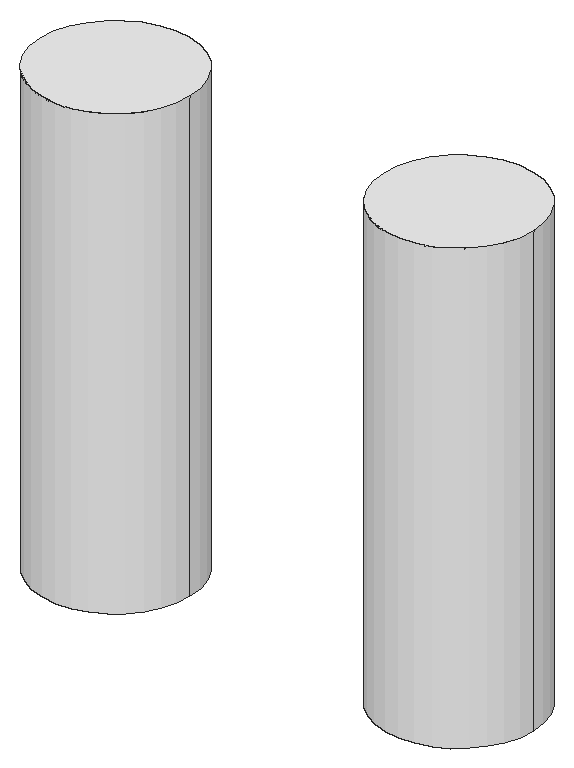
Revit family "52682267(2022)", category Plumbing Fixtures, Revit 2020
Family settings
  Round Connector Dimension = Use Diameter
  Part Type = Normal
  OmniClass Number = 23.45.55.00
  OmniClass Title = Sanitary Faucets, Wastes
  Work Plane-Based = No
  Always vertical = Yes
  Cut with Voids When Loaded = No
  Shared = No
  Room Calculation Point = No
Parameters (values of type "52682267 Washbasin faucet")
  Working Pressure = "50 - 1000 kPa"
  WarrantyStartDate [instance] = "n/a"
  WarrantyGuarantorParts = "n/a"
  WarrantyGuarantorLabor = "n/a"
  WarrantyDurationUnit = "Year"
  WarrantyDurationParts = "n/a"
  WarrantyDurationLabor = "n/a"
  WarrantyDescription = "http://warranty.hansa.com"
  Warranty Information URL = "http://warranty.hansa.com"
  VersionDate = "01/06/2023"
  Version = "1"
  ValvePattern = "n/a"
  ValveOperation = "n/a"
  ValveMechanism = "n/a"
  Uniclass2015Reference = "Pr_40_20_87_96"
  Uniclass2015Description = "Washbasin manual water supply sets"
  Uniclass2 = "Pr_40_30_96_96"
  URL UWL = "http://static.hansa.com/UWL/52682267"
  URL REACH = "http://static.hansa.com/doc/reach"
  URL Materials Declaration = "http://www.hansa.com/fileadmin/resources/168482_52682267_materialsdeclaration.pdf"
  URL Environmental Product Declaration EPD = "http://www.hansa.com/fileadmin/resources/184523_EPD_Washbasin faucet.pdf"
  URL EcoLabel Declaration = "http://static.hansa.com/doc/EcoLabel"
  URL EU Packaging Declaration = "http://static.hansa.com/doc/packaging"
  URL Declaration of SCIP = "http://static.hansa.com/doc/SCIP"
  URL Declaration of Conformity = "http://static.hansa.com/DoC/52682267"
  URL Declaration of Asbestos = "http://static.hansa.com/doc/asbestos"
  URL Declaration Of Performance (DOP) = "http://static.hansa.com/doc/DoP"
  URL = ""
  UNSPSC Class Number = "30181700 Faucets or taps"
  TestPressure = "n/a"
  Temperature Adjustments = "Limitation option for maximum temperature and flow-rate "
  Temperature = ""
  Technical DataSheet URL = "http://www.hansa.com/datasheet/52682267/en"
  TagNumber [instance] = "n/a"
  SustainabilityPerformance = "n/a"
  Surface treatment = "Chrome"
  Spout Type = "Fixed spout"
  Spout Projection = "114 mm"
  Spare-Part Information URL = "http://static.hansa.com/sp/52682267"
  Size = "Faucet:45x150x190 mm / Hand shower:50x65x295 mm"
  Shower Parts = "Hand shower;Shower holder"
  Shape = "Sculptured"
  SerialNumber [instance] = "n/a"
  Sales Package dimensions (LxWxH) = "754 x 334 x 63"
  Revision = "n/a"
  ReplacementCost = "n/a"
  ProductInformation = "n/a"
  Product URL = "http://static.hansa.com/52682267"
  Product Image URL = "http://static.hansa.com/image/52682267"
  Product Family = "HANSAVANTIS XL"
  Product Code = "52682267"
  OperatingMechanismMaterial = "n/a"
  Name_en = "52682267 Washbasin faucet"
  Name = "52682267 Washbasin faucet"
  NBSReference = "45-35-70/371"
  NBSDescription = "Water supply fittings for wash basins and troughs"
  Mounting Holes = "1 hole"
  ModelReference = "52682267"
  ModelNumber = "n/a"
  Model = "52682267 Washbasin faucet"
  Mobile Product Information URL = "http://mpi.hansa.com/52682267"
  Mechanical Parts = "30Cartridge"
  Max. Hot Water Supply = 70 °C
  Material = "Brass"
  Market = "International;Germany;Austria;Belgium;Netherlands;Czech Republic;Slovakia;Italy"
  ManufacturerURL = "http://www.hansa.com"
  ManufacturerName = "HANSA"
  Manufacturer = "HANSA"
  Lever Handle = "Single operating lever/handle;Pin shape;Hot/Cold symbols"
  Interactive AR View URL = "https://static.hansa.com/AR/52682267"
  InstallationDate [instance] = "n/a"
  Installation and Maintenance Guide URL = "http://static.hansa.com/manual/52682267"
  Installation Type = "Deck mounted"
  InletConnectionSize = 10 mm
  IfcExportType = "FAUCET"  # constant formula
  IfcExportAs = "IfcValveType"  # constant formula
  HandShowerNominalWidth = 49.3 mm
  HandShowerNominalHeight = 296.7 mm
  HandShowerNominalDepth = 64.3 mm
  HandShowerDefaultElevation [instance] = 900 mm
  Hand Shower Visibility [instance] = yes
  Hand Shower = "Bidetta hand shower"
  Group = "Washbasin faucet"
  Grade = "n/a"
  FlowCoefficient = 0
  Flow Rate At 300kPa With Flow Controller = 0.01 L/s
  Flow Drawing URL = "http://static.hansa.com/flowchart/52682267"
  Finish = "Polished"
  Features = "Single-lever;Bidetta"
  FaucetNominalWidth = 46.5 mm
  FaucetNominalHeight = 188.504 mm
  FaucetNominalDepth = 148.346 mm
  FaucetMainMaterial = Brass
  FaucetDefaultElevation [instance] = 900 mm
  FDV Document URL = "http://www.hansa.com/datasheet/52682267/en/fdv"
  ExpectedLife = "n/a"
  Excluded Items = "Without pop-up waste"
  ETIM Class Number = "EC011328 Washbasin mixing tap"
  EN Standard = "EN 817"
  EAN Number = "4057304017247"
  DurationUnit = "Year"
  DistanceY-Axis [instance] = 150 mm
  DistanceX-Axis [instance] = 150 mm
  Dimension Drawing URL = "http://static.hansa.com/dimdrw/52682267"
  Description = ""
  Default Elevation = 0 mm
  Constituents = "n/a"
  Connection Size = "G3/8"
  Connection = "Flexible inlet pipes"
  Color = "Chrome"
  CodePerformance = "n/a"
  CloseOffRating = 0
  Category = "Washbasin"
  Catalog Drawing URL = "http://static.hansa.com/catdrw/52682267"
  CO2 Emissions (D) = -7.47
  CO2 Emissions (C4) = 0.08
  CO2 Emissions (C3) = 0.02
  CO2 Emissions (C2) = 0.02
  CO2 Emissions (B7) = 1854
  CO2 Emissions (A4) = 0.29
  CO2 Emissions (A1-A3) = 10.51
  Brand = "HANSA"
  BodyMaterial = "Brass"
  Barcode [instance] = "n/a"
  Backflow Prevention EN1717 = "HC"
  BIMObjectName = "52682267(2022)"
  Author = "BIMStone"
  AssetType = "Fixed"
  AssetIdentifier [instance] = "n/a"
  Aerator = "PCA® - constant flow rate regardless of pressure variations"
  Advanced Features = "Inner body made of DZR brass;3S-installation system for safe and simple mounting"
  AccessibilityPerformance = "n/a"
  3D View = "https://static.hansa.com/AR/52682267"
  2D/3D/BIM Files URL = "http://static.hansa.com/bim/52682267"
Reference planes
  plane 1 "Center (Front/Back)": y = 0
  plane 2: z = 0
  plane 3 "Center (Left/Right)": x = 0
  plane 4: x = -23.25
  plane 5: x = 23.25
  plane 6: z = 1088.504
  plane 7: z = 900
  plane 8: z = 870
  plane 9: y = -148.346
  plane 10: x = 125.35
  plane 11: x = 150
  plane 12: x = 174.65
  plane 13: y = 85.7
  plane 14: y = 150
  plane 15: z = 900
  plane 16: z = 1196.7
Forms (mm)
  Extrusion 1, solid, material "Brass" <- "FaucetMainMaterial"
    sketch origin (0, 5.75, 0) x (1, 0, 0) y (0, 1, 0)
      loop
        circle (-11.5, -29) r 5
      loop
        circle (11.5, -29) r 5
    from 870 to 900
Dimensions and locks
  equal spacing: plane 4, plane 3 "Center (Left/Right)", plane 5
  "FaucetNominalHeight": plane 6 to plane 7
  "FaucetDefaultElevation": plane 7 to level
  locked: plane 7 to plane 8 at 30
  "FaucetNominalDepth": plane 9 to plane 1 "Center (Front/Back)"
  "FaucetNominalWidth": plane 4 to plane 5
  equal spacing: plane 10, plane 11, plane 12
  "HandShowerNominalWidth": plane 10 to plane 12
  "HandShowerNominalDepth": plane 14 to plane 13
  "DistanceX-Axis": plane 3 "Center (Left/Right)" to plane 11
  "HandShowerNominalHeight": plane 16 to plane 15
  "HandShowerDefaultElevation": plane 15 to level
  "DistanceY-Axis": plane 14 to plane 1 "Center (Front/Back)"
  "InletConnectionSize": diameter of Extrusion 1 sketch curve  (x2)
  aligned and locked: level to plane 2
  aligned and locked: plane 7 to Extrusion 1
  aligned and locked: Extrusion 1 to plane 8
  aligned and locked: nested 2 to plane 14
  aligned and locked: plane 11 to nested 2
  aligned and locked: plane 1 "Center (Front/Back)" to nested 4
  aligned and locked: plane 3 "Center (Left/Right)" to nested 4
  aligned and locked: nested 3 to plane 14
  aligned and locked: nested 4 to plane 7
  aligned and locked: plane 15 to nested 3
Automatic sketch dimensions
  Extrusion 1 sketch curve to plane 3 "Center (Left/Right)" = 11.5 mm
  plane 3 "Center (Left/Right)" to Extrusion 1 sketch curve = 11.5 mm
  plane 1 "Center (Front/Back)" to Extrusion 1 sketch curve = 23.25 mm
  Extrusion 1 sketch curve to Extrusion 1 sketch curve = 0 mm
Nested families
  nested 1: "Symbol" at (0, 0, 0), type "Symbol", detail levels coarse
  nested 2: "Symbol" at (150, 150, 0), type "Symbol", detail levels coarse
  nested 3: "Bidetta_handshower" at (150, 150, 900), visible <- "Hand Shower Visibility", type "Bidetta_handshower"
  nested 4: "52682267_Body" at (0, 0, 900), Material <- "FaucetMainMaterial", type "52682267_Body"
    with Material Brass
Connectors
  piping at (-11.5, -23.25, 870), diameter 10, driven by "InletConnectionSize"
    settings: on Extrusion 1, index 1, connector inside diameter 609.6 mm, connector length 0 mm, flow factor 0, pipe flow 0.14 L/s, pressure drop 0.0 Pa, fitting loss kfactor 0, connector angle 0.00°, fixture units 0, engagement length 0 mm, angle of deflection 0.00°, flow configuration 1, flow direction 1, fitting loss method 0, system type 19, joint type 0, gender type 0, connector reference index -1, connector utility 0, adjustable connector no, is connector primary yes, connector description ""
  piping at (11.5, -23.25, 870), diameter 10, driven by "InletConnectionSize"
    settings: on Extrusion 1, index 2, connector inside diameter 609.6 mm, connector length 0 mm, flow factor 0, pipe flow 0.14 L/s, pressure drop 0.0 Pa, fitting loss kfactor 0, connector angle 0.00°, fixture units 0, engagement length 0 mm, angle of deflection 0.00°, flow configuration 1, flow direction 1, fitting loss method 0, system type 20, joint type 0, gender type 0, connector reference index -1, connector utility 0, adjustable connector no, is connector primary no, connector description ""
Definition of nested family "Symbol"
  Reference planes
    plane 1: y = 0
    plane 2: x = 0
  Lines and regions (mm)
    detail lines
      curve 1: line (0, 0, 0) -> (0, -1.8, 0)
      curve 2: line (-0.4, -1.1, 0) -> (0.4, -1.1, 0)
      curve 3: line (-0.4, -1.4, 0) -> (0.4, -1.4, 0)
      curve 4: line (0.863, 0, 0) -> (-0.863, 0, 0)
      curve 5: circle (-1.163, 0, 0) r 0.3 normal (0, 0, -1)
      curve 6: circle (1.163, 0, 0) r 0.3 normal (0, 0, 1)
Definition of nested family "Bidetta_handshower"
  Parameters (values of type "Bidetta_handshower")
    Material [instance] = none
    Default Elevation = 0 mm
  Reference planes
    plane 1 "Center (Front/Back)": y = 0
    plane 2: z = 0
    plane 3 "Center (Left/Right)": x = 0
    plane 4: x = 24.632
    plane 5: x = -24.632
    plane 6: y = -64.333
    plane 7: z = 296.661
    plane 8: through (0, -27.5, 286.095) normal (0, -0.5928, 0.8054)
  Forms (mm)
    Revolve 1, solid, material <- "Material", detail levels medium
      sketch origin (0, -0.885, 0.802) x (0, 1, 0) y (0, 0, 1)
        loop
          line (-38.441, -0.802) -> (-26.831, -0.802) -> (-28.096, 29.198) -> (-30.943, 29.198) -> (-30.943, 52.874)
          arc (-30.943, 52.874) -> (-31.529, 54.288) -> (-32.943, 54.874) r 2
          line (-32.943, 54.874) -> (-38.441, 54.874) -> (-38.441, -0.802)
        loop
          arc (-32.996, 57.516) -> (-31.582, 58.102) -> (-30.996, 59.516) r 2
          line (-30.996, 59.516) -> (-30.996, 83.198) -> (-28.192, 83.198) -> (-26.615, 114.245) -> (-26.615, 274.881)
          arc (-26.615, 274.881) -> (-29.942, 284.277) -> (-38.441, 289.484) r 14.93
          line (-38.441, 289.484) -> (-38.441, 57.516) -> (-32.996, 57.516)
        axis (-38.441, 289.484) -> (-38.441, -0.802)
      angle from 0 to 360
    Extrusion 2, solid, material <- "Material", detail levels coarse
      sketch origin (0, 5.432, 0.599) x (0, 1, 0) y (0, 0, 1)
        loop
          line (-5.432, 296.062) -> (-69.765, 296.062) -> (-69.765, -0.599) -> (-5.432, -0.599) -> (-5.432, 296.062)
      from -24.632 to 24.632
    Blend 3, solid, material <- "Material", detail levels medium
      base sketch origin (0, 0, 0) x (1, 0, 0) y (0, 0, 1)
        loop
          arc (0, 290.203) -> (-8.248, 284.931) -> (-11.458, 275.683) r 14.93
          arc (-11.458, 275.683) -> (-8.248, 266.435) -> (0, 261.163) r 14.93
          arc (0, 261.163) -> (8.248, 266.435) -> (11.458, 275.683) r 14.93
          arc (11.458, 275.683) -> (8.248, 284.931) -> (0, 290.203) r 14.93
      top sketch origin (0, 0, 0) x (1, 0, 0) y (0, 0, 1)
        loop
          arc (0, 260.962) -> (12.622, 266.19) -> (17.85, 278.812) r 17.85
          arc (17.85, 278.812) -> (12.622, 291.433) -> (0, 296.662) r 17.85
          arc (0, 296.662) -> (-12.622, 291.433) -> (-17.85, 278.812) r 17.85
          arc (-17.85, 278.812) -> (-12.622, 266.19) -> (0, 260.962) r 17.85
      from 39.326 to 59.568
    Revolve 4, solid, detail levels medium
      sketch origin (0, 0, 0) x (0, 1, 0) y (0, 0, 1)
        loop
          line (-64.318, 156.518) -> (-40.211, 156.518) -> (-40.211, 167.798) -> (-53.049, 167.798)
          arc (-53.049, 167.798) -> (-55.963, 166.537) -> (-57.041, 163.55) r 4
          arc (-57.041, 163.55) -> (-62.093, 161.497) -> (-64.318, 156.518) r 7.31
        axis (-64.318, 156.518) -> (-40.211, 156.518)
      angle from 0 to 360
    Extrusion 5, solid, detail levels medium
      sketch origin (0, 0, 0) x (0, 1, 0) y (0, 0, 1)
        loop
          spline (-58.339, 188.821) -> (-58.371, 191.102) -> (-58.578, 193.232) -> (-58.946, 195.066) -> (-59.45, 196.479) -> (-60.054, 197.374) -> (-60.719, 197.691) -> (-61.399, 197.408) -> (-62.047, 196.543) -> (-62.619, 195.157) -> (-63.077, 193.343) -> (-63.389, 191.226) -> (-63.533, 188.949)
          line (-63.533, 188.949) -> (-64.333, 156.518) -> (-59.135, 156.518) -> (-58.339, 188.821)
      from -8.952 to 9
    Blend 6, solid, material <- "Material", detail levels medium
      base sketch origin (0, 0, 0) x (1, 0, 0) y (0, 0, 1)
        loop
          arc (-23.578, 84.427) -> (-20.467, 78.21) -> (-14.25, 75.1) r 11
          arc (-14.25, 75.1) -> (0, 74.083) -> (14.25, 75.1) r 100.403
          arc (14.25, 75.1) -> (20.467, 78.21) -> (23.578, 84.427) r 11
          arc (23.578, 84.427) -> (24.594, 98.677) -> (23.578, 112.927) r 100.403
          arc (23.578, 112.927) -> (20.467, 119.144) -> (14.25, 122.255) r 11
          arc (14.25, 122.255) -> (0, 123.271) -> (-14.25, 122.255) r 100.403
          arc (-14.25, 122.255) -> (-20.467, 119.144) -> (-23.578, 112.927) r 11
          arc (-23.578, 112.927) -> (-24.594, 98.677) -> (-23.578, 84.427) r 100.403
      top sketch origin (0, 0, 0) x (1, 0, 0) y (0, 0, 1)
        loop
          arc (19.618, 112.36) -> (17.639, 116.316) -> (13.682, 118.295) r 7
          arc (13.682, 118.295) -> (0, 119.271) -> (-13.682, 118.295) r 96.403
          arc (-13.682, 118.295) -> (-17.639, 116.316) -> (-19.618, 112.36) r 7
          arc (-19.618, 112.36) -> (-20.594, 98.677) -> (-19.618, 84.995) r 96.403
          arc (-19.618, 84.995) -> (-17.639, 81.039) -> (-13.682, 79.059) r 7
          arc (-13.682, 79.059) -> (0, 78.083) -> (13.682, 79.059) r 96.403
          arc (13.682, 79.059) -> (17.639, 81.039) -> (19.618, 84.995) r 7
          arc (19.618, 84.995) -> (20.594, 98.677) -> (19.618, 112.36) r 96.403
      from 0 to 11.376
    Blend 7, solid, material <- "Material", detail levels medium
      base sketch origin (0, 0, 0) x (1, 0, 0) y (0, 0, 1)
        loop
          arc (-13.682, 118.295) -> (-17.639, 116.316) -> (-19.618, 112.36) r 7
          arc (-19.618, 112.36) -> (-20.594, 98.677) -> (-19.618, 84.995) r 96.403
          arc (-19.618, 84.995) -> (-17.639, 81.039) -> (-13.682, 79.059) r 7
          arc (-13.682, 79.059) -> (0, 78.083) -> (13.682, 79.059) r 96.403
          arc (13.682, 79.059) -> (17.639, 81.039) -> (19.618, 84.995) r 7
          arc (19.618, 84.995) -> (20.594, 98.677) -> (19.618, 112.36) r 96.403
          arc (19.618, 112.36) -> (17.639, 116.316) -> (13.682, 118.295) r 7
          arc (13.682, 118.295) -> (0, 119.271) -> (-13.682, 118.295) r 96.403
      top sketch origin (0, 0, 0) x (1, 0, 0) y (0, 0, 1)
        loop
          arc (13.399, 116.315) -> (0, 117.271) -> (-13.399, 116.315) r 94.403
          arc (-13.399, 116.315) -> (-16.224, 114.902) -> (-17.638, 112.076) r 5
          arc (-17.638, 112.076) -> (-18.594, 98.677) -> (-17.638, 85.279) r 94.403
          arc (-17.638, 85.279) -> (-16.224, 82.453) -> (-13.399, 81.039) r 5
          arc (-13.399, 81.039) -> (0, 80.083) -> (13.399, 81.039) r 94.403
          arc (13.399, 81.039) -> (16.224, 82.453) -> (17.638, 85.279) r 5
          arc (17.638, 85.279) -> (18.594, 98.677) -> (17.638, 112.076) r 94.403
          arc (17.638, 112.076) -> (16.224, 114.902) -> (13.399, 116.315) r 5
      from 11.376 to 47.238
  Lines and regions (mm)
    symbolic lines, detail levels fine
      curve 1: arc (-11.541, 0, 265.036) -> (0, 0, 260.824) -> (11.541, 0, 265.036) r 17.918
      curve 2: line (-11.541, 0, 117.142) -> (-11.541, 0, 122.606)
      curve 13: arc (0, -47.049, 113.41) -> (0, -47.3, 105.765) -> (0, -47.293, 98.116) r 227.226
      curve 15: line (0, -41.435, 117.212) -> (0, -43.054, 117.212)
      curve 16: line (0, -41.435, 117.212) -> (0, -28.278, 119.295)
      curve 17: arc (0, -43.054, 117.212) -> (0, -45.811, 116.109) -> (0, -47.049, 113.41) r 4
      curve 18: line (0, -41.435, 79.021) -> (0, -43.054, 79.021)
      curve 19: line (0, -41.435, 79.021) -> (0, -37.364, 78.376)
      curve 20: arc (0, -43.054, 79.021) -> (0, -45.3, 79.712) -> (0, -46.771, 81.545) r 4
      curve 34: line (0, -49.551, 167.798) -> (0, -37.802, 161.015)
      curve 35: line (0, -37.802, 161.015) -> (0, -37.802, 152.021)
      curve 39: line (0, -49.551, 145.238) -> (0, -37.802, 152.021)
      curve 58: line (0, -31.881, 78.185) -> (0, -37.364, 78.376)
      curve 60: arc (0, -47.106, 84.038) -> (0, -47.309, 91.076) -> (0, -47.293, 98.116) r 227.226
      curve 61: line (0, -27.428, 119.325) -> (0, -28.278, 119.295)
      curve 62: line (0, -46.771, 30) -> (0, -39.326, 30)
      curve 63: line (0, -31.881, 30) -> (0, -39.326, 30)
      curve 64: line (11.541, 0, 117.142) -> (11.541, 0, 122.606)
      curve 65: line (-8.837, 0, 188.877) -> (-8.837, 0, 158.334)
      curve 66: arc (8.5, 0, 188.877) -> (-0.169, 0, 197.545) -> (-8.837, 0, 188.877) r 8.669
      curve 67: spline (-8.837, 0, 162.862) -> (-10.954, 0, 159.319) -> (-11.522, 0, 155.295) -> (-10.461, 0, 151.36) -> (-7.921, 0, 148.069) -> (-4.262, 0, 145.888) -> (0, 0, 145.125) -> (4.262, 0, 145.888) -> (7.921, 0, 148.069) -> (10.461, 0, 151.36) -> (11.522, 0, 155.295) -> (10.954, 0, 159.319) -> (8.837, 0, 162.862)
      curve 68: line (8.837, 0, 188.877) -> (8.837, 0, 158.334)
      curve 69: arc (-8.837, 0, 158.334) -> (0, 0, 149.497) -> (8.837, 0, 158.334) r 8.837
      curve 81: line (-7.498, 0, 84) -> (-7.498, 0, 74.364)
      curve 83: line (-7.498, 0, 30) -> (0, 0, 30)
      curve 84: arc (-18.648, 0, 107.809) -> (-19.178, 0, 97.956) -> (-18.667, 0, 88.102) r 93.482
      curve 85: arc (-12.509, 0, 117.125) -> (-16.709, 0, 113.212) -> (-18.648, 0, 107.809) r 12.172
      curve 86: arc (-18.667, 0, 88.102) -> (-16.523, 0, 82.418) -> (-11.87, 0, 78.513) r 11.997
      curve 87: arc (-11.861, 0, 78.509) -> (-9.731, 0, 77.719) -> (-7.498, 0, 77.305) r 13.198
      curve 88: arc (-9.129, 0, 111.996) -> (-8.119, 0, 97.8) -> (-8.608, 0, 83.576) r 135.164
      curve 89: arc (-11.086, 0, 116.784) -> (-9.789, 0, 114.52) -> (-9.129, 0, 111.996) r 9.902
      curve 90: arc (-12.509, 0, 117.125) -> (-11.737, 0, 117.208) -> (-11.086, 0, 116.784) r 1.159
      curve 91: arc (-8.608, 0, 83.576) -> (-9.197, 0, 81.124) -> (-10.481, 0, 78.952) r 8.496
      curve 92: arc (-10.481, 0, 78.952) -> (-11.109, 0, 78.525) -> (-11.87, 0, 78.513) r 1.327
      curve 93: arc (18.648, 0, 107.809) -> (19.178, 0, 97.956) -> (18.667, 0, 88.102) r 93.482
      curve 94: arc (12.509, 0, 117.125) -> (16.709, 0, 113.212) -> (18.648, 0, 107.809) r 12.172
      curve 95: arc (18.667, 0, 88.102) -> (16.523, 0, 82.418) -> (11.87, 0, 78.513) r 11.997
      curve 96: arc (9.129, 0, 111.996) -> (8.119, 0, 97.8) -> (8.608, 0, 83.576) r 135.164
      curve 97: arc (11.086, 0, 116.784) -> (9.789, 0, 114.52) -> (9.129, 0, 111.996) r 9.902
      curve 98: arc (12.509, 0, 117.125) -> (11.737, 0, 117.208) -> (11.086, 0, 116.784) r 1.159
      curve 99: arc (8.608, 0, 83.576) -> (9.197, 0, 81.124) -> (10.481, 0, 78.952) r 8.496
      curve 100: arc (10.481, 0, 78.952) -> (11.109, 0, 78.525) -> (11.87, 0, 78.513) r 1.327
      curve 101: line (-8.571, 0, 84) -> (8.571, 0, 84)
      curve 105: line (7.498, 0, 84) -> (7.498, 0, 74.364)
      curve 107: line (7.498, 0, 30) -> (0, 0, 30)
      curve 136: arc (-11.793, -35.489, 0) -> (0, -26.605, 0) -> (11.793, -35.489, 0) r 12.27
      curve 137: arc (-14.903, -46.984, 0) -> (-13.392, -41.225, 0) -> (-11.793, -35.489, 0) r 386.99
      curve 138: arc (14.903, -46.984, 0) -> (13.392, -41.225, 0) -> (11.793, -35.489, 0) r 386.99
      curve 139: line (9, -59.653, 0) -> (0, -59.653, 0)
      curve 140: line (-9, -59.653, 0) -> (0, -59.653, 0)
    symbolic lines, detail levels medium+fine
      curve 3: arc (11.541, 0, 265.036) -> (0, 0, 296.661) -> (-11.541, 0, 265.036) r 17.918
      curve 4: line (0, 0, 122.256) -> (0, 0, 73.977)
      curve 5: line (0, -1.358, 123.189) -> (0, -8.681, 120.379)
      curve 6: line (0, -11.047, 119.897) -> (0, -27.428, 119.325)
      curve 7: arc (0, -8.681, 120.379) -> (0, -9.844, 120.04) -> (0, -11.047, 119.897) r 7.317
      curve 8: arc (0, 0, 122.256) -> (0, -0.434, 123.08) -> (0, -1.358, 123.189) r 1
      curve 9: line (0, -1.358, 74.165) -> (0, -8.681, 76.976)
      curve 10: line (0, -11.047, 77.457) -> (0, -31.881, 78.185)
      curve 11: arc (0, -8.681, 76.976) -> (0, -9.844, 77.315) -> (0, -11.047, 77.457) r 7.317
      curve 12: arc (0, 0, 75.099) -> (0, -0.434, 74.274) -> (0, -1.358, 74.165) r 1
      curve 14: arc (0, -47.049, 82.823) -> (0, -47.078, 83.43) -> (0, -47.106, 84.038) r 227.226
      curve 21: line (0, -27.428, 119.325) -> (0, -27.428, 274.013)
      curve 22: arc (0, -27.428, 274.013) -> (0, -28.083, 278.827) -> (0, -29.997, 283.292) r 18.042
      curve 23: arc (0, -29.997, 283.292) -> (0, -32.409, 286.401) -> (0, -35.489, 288.851) r 16.494
      curve 24: line (0, -35.489, 288.851) -> (0, -58.338, 296.459)
      curve 25: line (0, -59.653, 295.51) -> (0, -59.653, 261.796)
      curve 26: line (0, -58.807, 260.808) -> (0, -50.819, 259.564)
      curve 27: line (0, -49.551, 258.082) -> (0, -49.551, 167.798)
      curve 28: line (0, -49.551, 167.798) -> (0, -53.049, 167.798)
      curve 29: arc (0, -53.049, 167.798) -> (0, -55.963, 166.537) -> (0, -57.041, 163.55) r 4
      curve 30: arc (0, -57.041, 163.55) -> (0, -58.014, 163.481) -> (0, -58.968, 163.284) r 7.31
      curve 31: line (0, -58.339, 188.821) -> (0, -58.968, 163.284)
      curve 32: line (0, -64.321, 156.977) -> (0, -63.533, 188.949)
      curve 33: spline (0, -63.533, 188.949) -> (0, -63.389, 191.226) -> (0, -63.077, 193.343) -> (0, -62.619, 195.157) -> (0, -62.047, 196.543) -> (0, -61.399, 197.408) -> (0, -60.719, 197.691) -> (0, -60.054, 197.374) -> (0, -59.45, 196.479) -> (0, -58.946, 195.066) -> (0, -58.578, 193.232) -> (0, -58.371, 191.102) -> (0, -58.339, 188.821)
      curve 36: line (0, -49.551, 145.238) -> (0, -53.049, 145.238)
      curve 37: arc (0, -53.049, 145.238) -> (0, -55.963, 146.499) -> (0, -57.041, 149.486) r 4
      curve 38: arc (0, -57.041, 149.486) -> (0, -62.255, 151.701) -> (0, -64.321, 156.977) r 7.31
      curve 40: arc (0, -50.819, 259.564) -> (0, -49.911, 259.057) -> (0, -49.551, 258.082) r 1.499
      curve 41: arc (0, -59.653, 295.51) -> (0, -59.238, 296.321) -> (0, -58.338, 296.459) r 1
      curve 42: arc (0, -59.653, 261.796) -> (0, -59.413, 261.145) -> (0, -58.807, 260.808) r 1
      curve 43: line (0, -49.551, 145.238) -> (0, -49.551, 138.467)
      curve 44: line (0, -51.056, 120.197) -> (0, -51.049, 114.5)
      curve 45: arc (0, -50.299, 129.5) -> (0, -50.869, 124.864) -> (0, -51.056, 120.197) r 56.582
      curve 46: arc (0, -49.551, 138.467) -> (0, -49.744, 133.968) -> (0, -50.299, 129.5) r 55.864
      curve 47: line (0, -51.049, 114.5) -> (0, -49.69, 84.515)
      curve 48: line (0, -49.191, 84.038) -> (0, -47.106, 84.038)
      curve 49: arc (0, -49.69, 84.515) -> (0, -49.536, 84.177) -> (0, -49.191, 84.038) r 0.5
      curve 50: line (0, -31.881, 30) -> (0, -31.881, 78.185)
      curve 51: line (0, -28.981, 30) -> (0, -31.881, 30)
      curve 52: line (0, -27.716, 0) -> (0, -28.981, 30)
      curve 53: line (0, -27.716, 0) -> (0, -39.326, 0)
      curve 54: line (0, -46.771, 30) -> (0, -46.771, 81.545)
      curve 55: line (0, -49.671, 30) -> (0, -46.771, 30)
      curve 56: line (0, -50.936, 0) -> (0, -49.671, 30)
      curve 57: line (0, -50.936, 0) -> (0, -39.326, 0)
      curve 59: arc (0, -46.771, 81.545) -> (0, -46.963, 82.172) -> (0, -47.049, 82.823) r 4
      curve 70: arc (-23.578, 0, 112.927) -> (-20.467, 0, 119.144) -> (-14.25, 0, 122.255) r 11
      curve 71: arc (-14.25, 0, 122.255) -> (-12.897, 0, 122.439) -> (-11.541, 0, 122.606) r 100.403
      curve 72: arc (-23.578, 0, 84.427) -> (-24.594, 0, 98.677) -> (-23.578, 0, 112.927) r 100.403
      curve 73: arc (-14.25, 0, 75.1) -> (-20.467, 0, 78.21) -> (-23.578, 0, 84.427) r 11
      curve 74: arc (14.25, 0, 75.1) -> (10.88, 0, 74.675) -> (7.498, 0, 74.364) r 100.403
      curve 75: arc (23.578, 0, 84.427) -> (20.467, 0, 78.21) -> (14.25, 0, 75.1) r 11
      curve 76: arc (23.578, 0, 112.927) -> (24.594, 0, 98.677) -> (23.578, 0, 84.427) r 100.403
      curve 77: arc (14.25, 0, 122.255) -> (20.467, 0, 119.144) -> (23.578, 0, 112.927) r 11
      curve 78: arc (11.541, 0, 122.606) -> (12.897, 0, 122.439) -> (14.25, 0, 122.255) r 100.403
      curve 79: line (-10.345, 0, 30) -> (-11.61, 0, 0)
      curve 80: line (-11.61, 0, 0) -> (0, 0, 0)
      curve 82: line (-7.498, 0, 30) -> (-10.345, 0, 30)
      curve 102: arc (-7.498, 0, 74.364) -> (-10.88, 0, 74.675) -> (-14.25, 0, 75.1) r 100.403
      curve 103: line (10.345, 0, 30) -> (11.61, 0, 0)
      curve 104: line (11.61, 0, 0) -> (0, 0, 0)
      curve 106: line (7.498, 0, 30) -> (10.345, 0, 30)
      curve 108: line (7.498, 0, 74.364) -> (7.498, 0, 30)
      curve 109: line (-7.498, 0, 74.364) -> (-7.498, 0, 30)
      curve 110: line (-11.541, 0, 122.606) -> (-11.541, 0, 265.036)
      curve 111: line (11.541, 0, 122.606) -> (11.541, 0, 265.036)
      curve 112: line (-21.332, -10.77, 0) -> (-19.178, -41.566, 0)
      curve 113: line (-24.602, -0.671, 0) -> (-21.914, -8.04, 0)
      curve 114: line (-24.132, 0, 0) -> (0, 0, 0)
      curve 115: arc (-24.132, 0, 0) -> (-24.542, -0.213, 0) -> (-24.602, -0.671, 0) r 0.5
      curve 116: arc (-21.914, -8.04, 0) -> (-21.527, -9.385, 0) -> (-21.332, -10.77, 0) r 10
      curve 117: arc (-19.178, -41.566, 0) -> (-17.876, -44.934, 0) -> (-14.903, -46.984, 0) r 6.128
      curve 118: arc (-17.763, -59.046, 0) -> (-16.381, -53.004, 0) -> (-14.903, -46.984, 0) r 386.99
      curve 119: line (-17.274, -59.653, 0) -> (-9, -59.653, 0)
      curve 120: line (-9, -61.413, 0) -> (-9, -59.653, 0)
      curve 121: arc (-7.452, -63.361, 0) -> (-3.75, -64.03, 0) -> (0, -64.333, 0) r 38.295
      curve 122: arc (-7.452, -63.361, 0) -> (-8.566, -62.657, 0) -> (-9, -61.413, 0) r 2
      curve 123: arc (-17.274, -59.653, 0) -> (-17.664, -59.467, 0) -> (-17.763, -59.046, 0) r 0.5
      curve 124: line (21.332, -10.77, 0) -> (19.178, -41.566, 0)
      curve 125: line (24.602, -0.671, 0) -> (21.914, -8.04, 0)
      curve 126: line (24.132, 0, 0) -> (0, 0, 0)
      curve 127: arc (24.132, 0, 0) -> (24.542, -0.213, 0) -> (24.602, -0.671, 0) r 0.5
      curve 128: arc (21.914, -8.04, 0) -> (21.527, -9.385, 0) -> (21.332, -10.77, 0) r 10
      curve 129: arc (19.178, -41.566, 0) -> (17.876, -44.934, 0) -> (14.903, -46.984, 0) r 6.128
      curve 130: arc (17.763, -59.046, 0) -> (16.381, -53.004, 0) -> (14.903, -46.984, 0) r 386.99
      curve 131: line (17.274, -59.653, 0) -> (9, -59.653, 0)
      curve 132: line (9, -61.413, 0) -> (9, -59.653, 0)
      curve 133: arc (7.452, -63.361, 0) -> (3.75, -64.03, 0) -> (0, -64.333, 0) r 38.295
      curve 134: arc (7.452, -63.361, 0) -> (8.566, -62.657, 0) -> (9, -61.413, 0) r 2
      curve 135: arc (17.274, -59.653, 0) -> (17.664, -59.467, 0) -> (17.763, -59.046, 0) r 0.5
  Dimensions and locks
    aligned and locked: level to plane 2
Definition of nested family "52682267_Body"
  Parameters (values of type "52682267_Body")
    Material [instance] = none
    Default Elevation = 0 mm
  Reference planes
    plane 1 "Center (Front/Back)": y = 0
    plane 2: z = 0
    plane 3 "Center (Left/Right)": x = 0
    plane 4: x = -23.25
    plane 5: z = 188.504
    plane 6: y = -148.346
    plane 7: x = 23.25
  Forms (mm)
    Revolve 1, solid, material <- "Material", detail levels medium
      sketch origin (0, 0, 0) x (0, 1, 0) y (0, 0, 1)
        loop
          line (0, 0) -> (0, 149) -> (-1.259, 149)
          arc (-1.259, 149) -> (-1.447, 150.007) -> (-1.684, 151.003) r 20.419
          line (-1.684, 151.003) -> (0.052, 151.003) -> (0.052, 187.204)
          arc (0.052, 187.204) -> (-0.329, 188.123) -> (-1.248, 188.504) r 1.3
          line (-1.248, 188.504) -> (-23.25, 188.504) -> (-23.25, 0) -> (0, 0)
        axis (-23.25, 188.504) -> (-23.25, 0)
      angle from 0 to 360
    Extrusion 2, void
      sketch origin (0, 0, 0) x (0, 1, 0) y (0, 0, 1)
        loop
          line (-29.415, 149) -> (1.465, 149) -> (1.465, 159.033) -> (-29.415, 149)
      from -25 to 25
    Revolve 3, solid, material <- "Material", detail levels medium
      sketch origin (0, 0, 0) x (0, 1, 0) y (0, 0, 1)
        loop
          line (-23.25, 149) -> (-1.259, 149)
          arc (-1.259, 149) -> (-2.414, 153.229) -> (-4.444, 157.114) r 20.419
          line (-4.444, 157.114) -> (0.052, 158.574) -> (-23.25, 158.574) -> (-23.25, 149)
        axis (-23.25, 158.574) -> (-23.25, 149)
      angle from 0 to 360
    Extrusion 4, solid, material <- "Material", detail levels medium
      sketch origin (0, 0, 0) x (1, 0, 0) y (0, 0, 1)
        loop
          circle (0, 183.254) r 5.249
      from 25.036 to 110.752
    Revolve 5, solid, material <- "Material", detail levels medium
      sketch origin (0, 0, 0) x (0, 1, 0) y (0, 0, 1)
        loop
          line (-57.178, 137.285) -> (-158.484, 110.662) -> (-154.469, 95.384) -> (-33.517, 127.171) -> (-38.178, 144.906)
          arc (-38.178, 144.906) -> (-47.441, 140.504) -> (-57.178, 137.285) r 82.45
        axis (-33.517, 127.171) -> (-154.469, 95.384)
      angle from 0 to 360
    Extrusion 6, void
      sketch origin (0, 0, 0) x (0, 1, 0) y (0, 0, 1)
        loop
          line (-110.494, 79.72) -> (-161.629, 122.627) -> (-147.777, 69.922) -> (-110.494, 79.72)
      from 25 to -25
    Revolve 7, solid, material <- "Material", detail levels medium
      sketch origin (0, 0, 0) x (0, 1, 0) y (0, 0, 1)
        loop
          line (-127.606, 86.669) -> (-121.454, 95.891) -> (-131.397, 102.523) -> (-137.562, 93.386) -> (-127.606, 86.669)
        axis (-131.361, 102.576) -> (-137.562, 93.386)
      angle from 0 to 360
    Extrusion 8, solid, material <- "Material", detail levels coarse
      sketch origin (0, 0, 0) x (1, 0, 0) y (0, 1, 0)
        loop
          line (-23.25, 0) -> (-23.25, -148.346) -> (23.25, -148.346) -> (23.25, 0) -> (-23.25, 0)
      from 0 to 188.504
  Cuts and joins
    Extrusion 2 cuts Revolve 1
    Extrusion 6 cuts Revolve 5
    joined: Revolve 1, Revolve 3, Extrusion 4, Revolve 5, Revolve 7
  Lines and regions (mm)
    symbolic lines, detail levels medium+fine
      curve 1: line (0, 0, 0) -> (0, -46.5, 0)
      curve 2: line (0, -46.5, 0) -> (0, -46.5, 90.939)
      curve 3: line (0, 0, 0) -> (0, 0, 148.5)
      curve 4: line (0, -0.5, 149) -> (0, -1.259, 149)
      curve 5: line (0, -57.178, 137.285) -> (0, -147.245, 113.615)
      curve 6: line (0, -119.062, 89.027) -> (0, -61.865, 102.78)
      curve 7: arc (0, -61.865, 102.78) -> (0, -60.039, 103.172) -> (0, -58.197, 103.475) r 38.292
      curve 8: arc (0, -58.197, 103.475) -> (0, -53.761, 103.135) -> (0, -49.87, 100.978) r 10.432
      curve 9: arc (0, -46.5, 90.939) -> (0, -46.537, 92.672) -> (0, -46.647, 94.402) r 40.923
      curve 10: arc (0, -46.647, 94.402) -> (0, -47.641, 97.992) -> (0, -49.87, 100.978) r 10.098
      curve 11: line (0, -122.568, 89.852) -> (0, -124.437, 91.42)
      curve 12: arc (0, -147.245, 113.615) -> (0, -148.316, 112.504) -> (0, -147.822, 111.042) r 1.484
      curve 13: arc (0, -122.568, 89.852) -> (0, -120.913, 89.022) -> (0, -119.062, 89.027) r 4
      curve 14: line (0, -125.384, 89.999) -> (0, -124.437, 91.42)
      curve 15: line (0, -125.384, 89.999) -> (0, -126.216, 90.554)
      curve 16: line (0, -126.216, 90.554) -> (0, -128.435, 87.228)
      curve 17: line (0, -128.435, 87.228) -> (0, -146.689, 99.545)
      curve 18: line (0, -144.452, 102.861) -> (0, -146.689, 99.545)
      curve 19: line (0, -144.452, 102.861) -> (0, -145.284, 103.416)
      curve 20: line (0, -145.284, 103.416) -> (0, -142.933, 106.94)
      curve 21: line (0, -142.933, 106.94) -> (0, -147.822, 111.042)
      curve 23: arc (0, -50.889, 139.528) -> (0, -53.986, 138.272) -> (0, -57.178, 137.285) r 39.075
      curve 24: arc (0, -47.972, 142.978) -> (0, -49.044, 140.926) -> (0, -50.889, 139.528) r 5.294
      curve 25: arc (0, -46.567, 148.613) -> (0, -47.246, 145.79) -> (0, -47.972, 142.978) r 174.752
      curve 26: arc (0, -46.08, 149) -> (0, -46.391, 148.891) -> (0, -46.567, 148.613) r 0.5
      curve 27: arc (0, 0, 148.5) -> (0, -0.146, 148.854) -> (0, -0.5, 149) r 0.5
      curve 30: line (0, -46.552, 174.505) -> (0, -46.552, 151.003)
      curve 31: line (0, -50.052, 178.005) -> (0, -108.752, 178.005)
      curve 32: line (0, -110.752, 186.504) -> (0, -110.752, 180.005)
      curve 33: line (0, -108.752, 188.504) -> (0, -1.25, 188.504)
      curve 34: line (0, 0, 187.254) -> (0, 0, 158.557)
      curve 35: arc (0, -1.25, 188.504) -> (0, -0.366, 188.138) -> (0, 0, 187.254) r 1.25
      curve 36: arc (0, -110.752, 186.504) -> (0, -110.166, 187.918) -> (0, -108.752, 188.504) r 2
      curve 37: arc (0, -110.752, 180.005) -> (0, -110.166, 178.591) -> (0, -108.752, 178.005) r 2
      curve 38: arc (0, -46.552, 174.505) -> (0, -47.577, 176.98) -> (0, -50.052, 178.005) r 3.5
      curve 39: arc (0, -1.259, 149) -> (0, -2.414, 153.229) -> (0, -4.444, 157.114) r 20.419
      curve 40: line (0, -45.318, 149) -> (0, -44.637, 151.003)
      curve 42: line (0, -4.444, 157.114) -> (0, 0, 158.557)
      curve 43: line (0, -44.637, 151.003) -> (0, -46.552, 151.003)
      curve 44: line (0, -45.318, 149) -> (0, -46.08, 149)
      curve 45: line (-23.25, 0, 148.5) -> (-23.25, 0, 0)
      curve 46: line (-23.25, 0, 0) -> (0, 0, 0)
      curve 47: line (-21.407, 0, 151.003) -> (-22.066, 0, 149)
      curve 48: line (-22.75, 0, 149) -> (-22.066, 0, 149)
      curve 49: arc (-23.25, 0, 148.5) -> (-23.104, 0, 148.854) -> (-22.75, 0, 149) r 0.5
      curve 50: line (-21.407, 0, 151.003) -> (-22.75, 0, 151.003)
      curve 51: line (-23.25, 0, 151.503) -> (-23.25, 0, 188.004)
      curve 52: line (-22.75, 0, 188.504) -> (0, 0, 188.504)
      curve 53: arc (-22.75, 0, 188.504) -> (-23.104, 0, 188.357) -> (-23.25, 0, 188.004) r 0.5
      curve 54: arc (-23.25, 0, 151.503) -> (-23.104, 0, 151.149) -> (-22.75, 0, 151.003) r 0.5
      curve 57: line (23.25, 0, 148.5) -> (23.25, 0, 0)
      curve 58: line (23.25, 0, 0) -> (0, 0, 0)
      curve 59: line (21.407, 0, 151.003) -> (22.066, 0, 149)
      curve 60: arc (23.25, 0, 148.5) -> (23.104, 0, 148.854) -> (22.75, 0, 149) r 0.5
      curve 61: line (21.407, 0, 151.003) -> (22.75, 0, 151.003)
      curve 62: line (23.25, 0, 151.503) -> (23.25, 0, 188.004)
      curve 63: line (22.75, 0, 188.504) -> (0, 0, 188.504)
      curve 64: arc (22.75, 0, 188.504) -> (23.104, 0, 188.357) -> (23.25, 0, 188.004) r 0.5
      curve 65: arc (23.25, 0, 151.503) -> (23.104, 0, 151.149) -> (22.75, 0, 151.003) r 0.5
      curve 68: line (22.066, 0, 149) -> (22.75, 0, 149)
      curve 79: line (-15.365, -133.132, 0) -> (-16.186, -52.605, 0)
      curve 80: arc (-16.186, -52.605, 0) -> (-16.449, -47.476, 0) -> (-17.133, -42.386, 0) r 62.47
      curve 81: line (15.365, -133.132, 0) -> (16.186, -52.605, 0)
      curve 82: arc (16.186, -52.605, 0) -> (16.449, -47.476, 0) -> (17.133, -42.386, 0) r 62.47
      curve 83: arc (15.365, -133.132, 0) -> (0, -148.341, 0) -> (-15.365, -133.132, 0) r 15.366
      curve 90: arc (-17.133, -42.386, 0) -> (-17.952, -39.243, 0) -> (-19.262, -36.27, 0) r 20.277
      curve 91: arc (17.133, -42.386, 0) -> (17.952, -39.243, 0) -> (19.262, -36.27, 0) r 20.277
      curve 92: arc (19.262, -36.27, 0) -> (0, 0, 0) -> (-19.262, -36.27, 0) r 23.25
    symbolic lines, detail levels fine
      curve 22: line (0, -124.437, 91.42) -> (0, -142.933, 106.94)
      curve 28: line (0, -23.25, 151.003) -> (0, -4.444, 157.114)
      curve 29: line (0, -23.25, 151.003) -> (0, -44.637, 151.003)
      curve 41: line (0, -1.259, 149) -> (0, -45.318, 149)
      curve 55: line (-21.407, 0, 151.003) -> (0, 0, 151.003)
      curve 56: line (-22.066, 0, 149) -> (0, 0, 149)
      curve 66: line (21.407, 0, 151.003) -> (0, 0, 151.003)
      curve 67: line (22.066, 0, 149) -> (0, 0, 149)
      curve 69: circle (0, 0, 183.254) r 5.249 normal (0, -1, 0)
      curve 70: spline (11.937, 0, 93.507) -> (11.53, 0, 91.922) -> (10.338, 0, 90.445) -> (8.441, 0, 89.176) -> (5.969, 0, 88.203) -> (3.09, 0, 87.591) -> (0, 0, 87.382) -> (-3.09, 0, 87.591) -> (-5.969, 0, 88.203) -> (-8.441, 0, 89.176) -> (-10.338, 0, 90.445) -> (-11.53, 0, 91.922) -> (-11.937, 0, 93.507) -> (-11.53, 0, 95.092) -> (-10.338, 0, 96.569) -> (-8.441, 0, 97.838) -> (-5.969, 0, 98.811) -> (-3.09, 0, 99.423) -> (0, 0, 99.632) -> (3.09, 0, 99.423) -> (5.969, 0, 98.811) -> (8.441, 0, 97.838) -> (10.338, 0, 96.569) -> (11.53, 0, 95.092) -> (11.937, 0, 93.507)
      curve 71: line (-11.937, 0, 93.507) -> (-11.937, 0, 100.522)
      curve 72: spline (11.478, 0, 91.825) -> (14.443, 0, 96.12) -> (15.32, 0, 101.051) -> (13.981, 0, 105.906) -> (10.62, 0, 109.983) -> (5.724, 0, 112.691) -> (0, 0, 113.639) -> (-5.724, 0, 112.691) -> (-10.62, 0, 109.983) -> (-13.981, 0, 105.906) -> (-15.32, 0, 101.051) -> (-14.443, 0, 96.12) -> (-11.478, 0, 91.825)
      curve 73: line (11.937, 0, 93.507) -> (11.937, 0, 100.522)
      curve 74: spline (11.937, 0, 100.522) -> (11.53, 0, 102.221) -> (10.338, 0, 103.804) -> (8.441, 0, 105.164) -> (5.969, 0, 106.208) -> (3.09, 0, 106.864) -> (0, 0, 107.087) -> (-3.09, 0, 106.864) -> (-5.969, 0, 106.208) -> (-8.441, 0, 105.164) -> (-10.338, 0, 103.804) -> (-11.53, 0, 102.221) -> (-11.937, 0, 100.522)
      curve 75: line (-15.332, 0, 100.522) -> (-16.377, 0, 123.486)
      curve 76: line (15.332, 0, 100.522) -> (16.377, 0, 123.486)
      curve 77: spline (16.377, 0, 123.486) -> (15.819, 0, 127.057) -> (14.183, 0, 130.385) -> (11.58, 0, 133.243) -> (8.189, 0, 135.436) -> (4.239, 0, 136.814) -> (0, 0, 137.285) -> (-4.239, 0, 136.814) -> (-8.189, 0, 135.436) -> (-11.58, 0, 133.243) -> (-14.183, 0, 130.385) -> (-15.819, 0, 127.057) -> (-16.377, 0, 123.486)
      curve 78: arc (-19.262, -36.27, 0) -> (0, -46.5, 0) -> (19.262, -36.27, 0) r 23.25
      curve 84: line (-5.25, -108.752, 0) -> (-5.25, -45.899, 0)
      curve 85: line (0, -110.752, 0) -> (-3.25, -110.752, 0)
      curve 86: arc (-3.25, -110.752, 0) -> (-4.664, -110.166, 0) -> (-5.25, -108.752, 0) r 2
      curve 87: line (5.25, -108.752, 0) -> (5.25, -45.899, 0)
      curve 88: line (0, -110.752, 0) -> (3.25, -110.752, 0)
      curve 89: arc (3.25, -110.752, 0) -> (4.664, -110.166, 0) -> (5.25, -108.752, 0) r 2
  Dimensions and locks
    aligned and locked: level to plane 2
